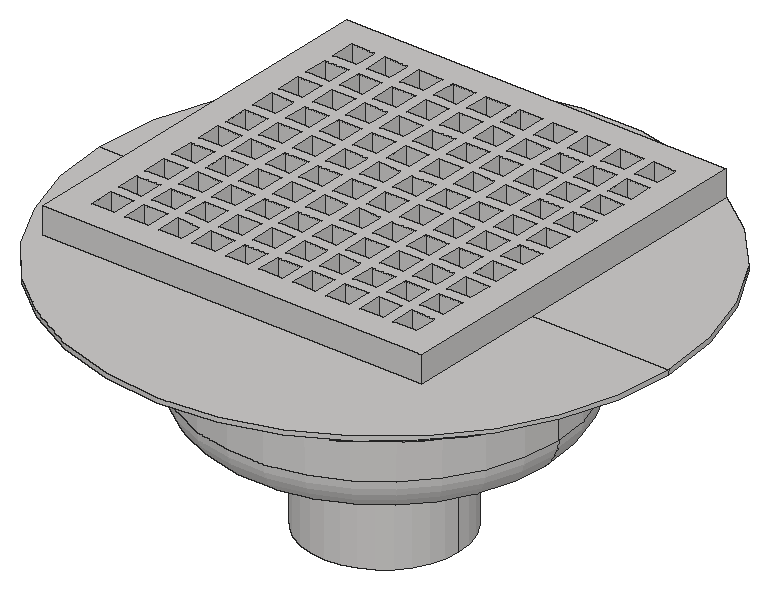
Revit family
Parameters (values of type "9600B06-02")
  Width = 9"
  Waste Connection Radius = 1"
  Waste Connection Diameter = Waste Connection Radius * 2  # 2"
  Waste Connection = yes
  Vent Connection = no
  URL = "www.jrsmith.com"
  Price = "Prices may vary. Please consult Manufacturer Representative for most up-to-date price list."  # constant formula
  Phone Number = "416-250-5656"  # constant formula
  Omniclass Table 23 Title = "Waste Water Drains"  # constant formula
  Omniclass Table 23 Code = "23.70.50.21.24"  # constant formula
  Nominal Height (1/2" min - 1-1/2" max) = 1"
  Model = "9600B06-2\""
  Material = Metal-Jay R Smith-Stainless Steel
  Masterformat Title = "Sanitary Drains"  # constant formula
  Masterformat Number = "22 13 19.13"  # constant formula
  Manufacturer = "Jay R. Smith"
  Length = Width  # 9"
  Height = 3 3/4"
  HW Connection = no
  Description = "General purpose floor drain with square adjustable strainer head for light duty use."
  Default Elevation = 0"
  Creation Date = "27/10/2014"  # constant formula
  Created By = "Allied Technical Services"  # constant formula
  CW Connection = no
  Assembly Code = "D2030300"
  ATS URL = "http://www.atsspec.net"
Types (4): name | Waste Connection Radius | Waste Connection Diameter | Model
  (no name) | 1" | 2" | "9600B06-2\""
  9600B06-02 | 1" | 2" | "9600B06-2\""
  9600B06-03 | 1 1/2" | 3" | "9600B06-3\""
  9600B06-04 | 2" | 4" | "9600B06-4\""
Reference planes (in)
  plane 1 "Center (Front/Back)": y = 0
  plane 2: z = 0
  plane 3 "Center (Left/Right)": x = 0
  plane 4: x = -4.5
  plane 5: x = 4.5
  plane 6: z = 3.75
  plane 7: x = -1
  plane 8: x = 1
  plane 9: z = 4.75
  plane 10: z = 4.4275
  plane 11: z = 4.34335
  plane 12: x = -3
  plane 13: x = 3
  plane 14: x = 0
  plane 15: y = 0
  plane 16: x = -3
  plane 17: x = 3
  plane 18: y = 3
  plane 19: y = -3
Forms (in)
  Revolve 1, solid, material "Metal-Jay R Smith-Stainless Steel" <- "Material"
    sketch origin (0, 0, 0) x (1, 0, 0) y (0, 0, 1)
      loop
        line (1, 0) -> (1.18, 0) -> (1.18, 1.56336) -> (2.22418, 1.56336)
        arc (2.22418, 1.56336) -> (2.59648, 1.74487) -> (2.75182, 2.12883) r 0.57812
        line (2.75182, 2.12883) -> (2.76561, 2.91907)
        arc (2.76561, 2.91907) -> (2.89178, 3.21261) -> (3.18748, 3.33358) r 0.42188
        line (3.18748, 3.33358) -> (3.89593, 3.33358) -> (4.5, 3.68234) -> (4.5, 3.75) -> (1.88476, 3.75) -> (1.88476, 4.4275) -> (1.743, 4.4275) -> (1.743, 3.41171) -> (2.69608, 3.41171) -> (2.67371, 2.13056)
        arc (2.67371, 2.13056) -> (2.54058, 1.79949) -> (2.22064, 1.64148) r 0.5
        line (2.22064, 1.64148) -> (1, 1.64148) -> (1, 0)
      axis (0, 0) -> (0, 4.4275)
    angle from 0 to 360
  Extrusion 2, solid, material "Metal-Jay R Smith-Stainless Steel" <- "Material"
    sketch origin (0, 0, 0) x (1, 0, 0) y (0, 1, 0)
      loop
        line (-1.5125, 2.0425) -> (-1.5125, 1.6675) -> (-1.1375, 1.6675) -> (-1.1375, 2.0425) -> (-1.5125, 2.0425)
      loop
        line (-1.1375, 1.1375) -> (-1.1375, 1.5125) -> (-1.5125, 1.5125) -> (-1.5125, 1.1375) -> (-1.1375, 1.1375)
      loop
        line (-1.1375, 0.6075) -> (-1.1375, 0.9825) -> (-1.5125, 0.9825) -> (-1.5125, 0.6075) -> (-1.1375, 0.6075)
      loop
        line (-1.1375, 0.0775) -> (-1.1375, 0.4525) -> (-1.5125, 0.4525) -> (-1.5125, 0.0775) -> (-1.1375, 0.0775)
      loop
        line (-0.9825, 2.0425) -> (-0.9825, 1.6675) -> (-0.6075, 1.6675) -> (-0.6075, 2.0425) -> (-0.9825, 2.0425)
      loop
        line (-0.6075, 1.1375) -> (-0.6075, 1.5125) -> (-0.9825, 1.5125) -> (-0.9825, 1.1375) -> (-0.6075, 1.1375)
      loop
        line (-0.6075, 0.6075) -> (-0.6075, 0.9825) -> (-0.9825, 0.9825) -> (-0.9825, 0.6075) -> (-0.6075, 0.6075)
      loop
        line (-0.6075, 0.0775) -> (-0.6075, 0.4525) -> (-0.9825, 0.4525) -> (-0.9825, 0.0775) -> (-0.6075, 0.0775)
      loop
        line (-0.4525, 2.0425) -> (-0.4525, 1.6675) -> (-0.0775, 1.6675) -> (-0.0775, 2.0425) -> (-0.4525, 2.0425)
      loop
        line (-0.0775, 1.1375) -> (-0.0775, 1.5125) -> (-0.4525, 1.5125) -> (-0.4525, 1.1375) -> (-0.0775, 1.1375)
      loop
        line (-0.0775, 0.6075) -> (-0.0775, 0.9825) -> (-0.4525, 0.9825) -> (-0.4525, 0.6075) -> (-0.0775, 0.6075)
      loop
        line (-0.0775, 0.0775) -> (-0.0775, 0.4525) -> (-0.4525, 0.4525) -> (-0.4525, 0.0775) -> (-0.0775, 0.0775)
      loop
        line (-2.0425, 2.0425) -> (-2.0425, 1.6675) -> (-1.6675, 1.6675) -> (-1.6675, 2.0425) -> (-2.0425, 2.0425)
      loop
        line (-1.6675, 1.1375) -> (-1.6675, 1.5125) -> (-2.0425, 1.5125) -> (-2.0425, 1.1375) -> (-1.6675, 1.1375)
      loop
        line (-1.6675, 0.6075) -> (-1.6675, 0.9825) -> (-2.0425, 0.9825) -> (-2.0425, 0.6075) -> (-1.6675, 0.6075)
      loop
        line (-1.6675, 0.0775) -> (-1.6675, 0.4525) -> (-2.0425, 0.4525) -> (-2.0425, 0.0775) -> (-1.6675, 0.0775)
      loop
        line (1.5125, 2.0425) -> (1.1375, 2.0425) -> (1.1375, 1.6675) -> (1.5125, 1.6675) -> (1.5125, 2.0425)
      loop
        line (1.1375, 1.1375) -> (1.5125, 1.1375) -> (1.5125, 1.5125) -> (1.1375, 1.5125) -> (1.1375, 1.1375)
      loop
        line (1.1375, 0.6075) -> (1.5125, 0.6075) -> (1.5125, 0.9825) -> (1.1375, 0.9825) -> (1.1375, 0.6075)
      loop
        line (1.1375, 0.0775) -> (1.5125, 0.0775) -> (1.5125, 0.4525) -> (1.1375, 0.4525) -> (1.1375, 0.0775)
      loop
        line (0.9825, 2.0425) -> (0.6075, 2.0425) -> (0.6075, 1.6675) -> (0.9825, 1.6675) -> (0.9825, 2.0425)
      loop
        line (0.6075, 1.1375) -> (0.9825, 1.1375) -> (0.9825, 1.5125) -> (0.6075, 1.5125) -> (0.6075, 1.1375)
      loop
        line (0.6075, 0.6075) -> (0.9825, 0.6075) -> (0.9825, 0.9825) -> (0.6075, 0.9825) -> (0.6075, 0.6075)
      loop
        line (0.6075, 0.0775) -> (0.9825, 0.0775) -> (0.9825, 0.4525) -> (0.6075, 0.4525) -> (0.6075, 0.0775)
      loop
        line (0.4525, 2.0425) -> (0.0775, 2.0425) -> (0.0775, 1.6675) -> (0.4525, 1.6675) -> (0.4525, 2.0425)
      loop
        line (0.0775, 1.1375) -> (0.4525, 1.1375) -> (0.4525, 1.5125) -> (0.0775, 1.5125) -> (0.0775, 1.1375)
      loop
        line (0.0775, 0.6075) -> (0.4525, 0.6075) -> (0.4525, 0.9825) -> (0.0775, 0.9825) -> (0.0775, 0.6075)
      loop
        line (0.0775, 0.0775) -> (0.4525, 0.0775) -> (0.4525, 0.4525) -> (0.0775, 0.4525) -> (0.0775, 0.0775)
      loop
        line (2.0425, 2.0425) -> (1.6675, 2.0425) -> (1.6675, 1.6675) -> (2.0425, 1.6675) -> (2.0425, 2.0425)
      loop
        line (1.6675, 1.1375) -> (2.0425, 1.1375) -> (2.0425, 1.5125) -> (1.6675, 1.5125) -> (1.6675, 1.1375)
      loop
        line (1.6675, 0.6075) -> (2.0425, 0.6075) -> (2.0425, 0.9825) -> (1.6675, 0.9825) -> (1.6675, 0.6075)
      loop
        line (1.6675, 0.0775) -> (2.0425, 0.0775) -> (2.0425, 0.4525) -> (1.6675, 0.4525) -> (1.6675, 0.0775)
      loop
        line (-1.5125, -2.0425) -> (-1.1375, -2.0425) -> (-1.1375, -1.6675) -> (-1.5125, -1.6675) -> (-1.5125, -2.0425)
      loop
        line (-1.1375, -1.1375) -> (-1.5125, -1.1375) -> (-1.5125, -1.5125) -> (-1.1375, -1.5125) -> (-1.1375, -1.1375)
      loop
        line (-1.1375, -0.6075) -> (-1.5125, -0.6075) -> (-1.5125, -0.9825) -> (-1.1375, -0.9825) -> (-1.1375, -0.6075)
      loop
        line (-1.1375, -0.0775) -> (-1.5125, -0.0775) -> (-1.5125, -0.4525) -> (-1.1375, -0.4525) -> (-1.1375, -0.0775)
      loop
        line (-0.9825, -2.0425) -> (-0.6075, -2.0425) -> (-0.6075, -1.6675) -> (-0.9825, -1.6675) -> (-0.9825, -2.0425)
      loop
        line (-0.6075, -1.1375) -> (-0.9825, -1.1375) -> (-0.9825, -1.5125) -> (-0.6075, -1.5125) -> (-0.6075, -1.1375)
      loop
        line (-0.6075, -0.6075) -> (-0.9825, -0.6075) -> (-0.9825, -0.9825) -> (-0.6075, -0.9825) -> (-0.6075, -0.6075)
      loop
        line (-0.6075, -0.0775) -> (-0.9825, -0.0775) -> (-0.9825, -0.4525) -> (-0.6075, -0.4525) -> (-0.6075, -0.0775)
      loop
        line (-0.4525, -2.0425) -> (-0.0775, -2.0425) -> (-0.0775, -1.6675) -> (-0.4525, -1.6675) -> (-0.4525, -2.0425)
      loop
        line (-0.0775, -1.1375) -> (-0.4525, -1.1375) -> (-0.4525, -1.5125) -> (-0.0775, -1.5125) -> (-0.0775, -1.1375)
      loop
        line (-0.0775, -0.6075) -> (-0.4525, -0.6075) -> (-0.4525, -0.9825) -> (-0.0775, -0.9825) -> (-0.0775, -0.6075)
      loop
        line (-0.0775, -0.0775) -> (-0.4525, -0.0775) -> (-0.4525, -0.4525) -> (-0.0775, -0.4525) -> (-0.0775, -0.0775)
      loop
        line (-2.0425, -2.0425) -> (-1.6675, -2.0425) -> (-1.6675, -1.6675) -> (-2.0425, -1.6675) -> (-2.0425, -2.0425)
      loop
        line (-1.6675, -1.1375) -> (-2.0425, -1.1375) -> (-2.0425, -1.5125) -> (-1.6675, -1.5125) -> (-1.6675, -1.1375)
      loop
        line (-1.6675, -0.6075) -> (-2.0425, -0.6075) -> (-2.0425, -0.9825) -> (-1.6675, -0.9825) -> (-1.6675, -0.6075)
      loop
        line (-1.6675, -0.0775) -> (-2.0425, -0.0775) -> (-2.0425, -0.4525) -> (-1.6675, -0.4525) -> (-1.6675, -0.0775)
      loop
        line (1.5125, -2.0425) -> (1.5125, -1.6675) -> (1.1375, -1.6675) -> (1.1375, -2.0425) -> (1.5125, -2.0425)
      loop
        line (1.1375, -1.1375) -> (1.1375, -1.5125) -> (1.5125, -1.5125) -> (1.5125, -1.1375) -> (1.1375, -1.1375)
      loop
        line (1.1375, -0.6075) -> (1.1375, -0.9825) -> (1.5125, -0.9825) -> (1.5125, -0.6075) -> (1.1375, -0.6075)
      loop
        line (1.1375, -0.0775) -> (1.1375, -0.4525) -> (1.5125, -0.4525) -> (1.5125, -0.0775) -> (1.1375, -0.0775)
      loop
        line (0.9825, -2.0425) -> (0.9825, -1.6675) -> (0.6075, -1.6675) -> (0.6075, -2.0425) -> (0.9825, -2.0425)
      loop
        line (0.6075, -1.1375) -> (0.6075, -1.5125) -> (0.9825, -1.5125) -> (0.9825, -1.1375) -> (0.6075, -1.1375)
      loop
        line (0.6075, -0.6075) -> (0.6075, -0.9825) -> (0.9825, -0.9825) -> (0.9825, -0.6075) -> (0.6075, -0.6075)
      loop
        line (0.6075, -0.0775) -> (0.6075, -0.4525) -> (0.9825, -0.4525) -> (0.9825, -0.0775) -> (0.6075, -0.0775)
      loop
        line (0.4525, -2.0425) -> (0.4525, -1.6675) -> (0.0775, -1.6675) -> (0.0775, -2.0425) -> (0.4525, -2.0425)
      loop
        line (0.0775, -1.1375) -> (0.0775, -1.5125) -> (0.4525, -1.5125) -> (0.4525, -1.1375) -> (0.0775, -1.1375)
      loop
        line (0.0775, -0.6075) -> (0.0775, -0.9825) -> (0.4525, -0.9825) -> (0.4525, -0.6075) -> (0.0775, -0.6075)
      loop
        line (0.0775, -0.0775) -> (0.0775, -0.4525) -> (0.4525, -0.4525) -> (0.4525, -0.0775) -> (0.0775, -0.0775)
      loop
        line (2.0425, -2.0425) -> (2.0425, -1.6675) -> (1.6675, -1.6675) -> (1.6675, -2.0425) -> (2.0425, -2.0425)
      loop
        line (1.6675, -1.1375) -> (1.6675, -1.5125) -> (2.0425, -1.5125) -> (2.0425, -1.1375) -> (1.6675, -1.1375)
      loop
        line (1.6675, -0.6075) -> (1.6675, -0.9825) -> (2.0425, -0.9825) -> (2.0425, -0.6075) -> (1.6675, -0.6075)
      loop
        line (1.6675, -0.0775) -> (1.6675, -0.4525) -> (2.0425, -0.4525) -> (2.0425, -0.0775) -> (1.6675, -0.0775)
      loop
        line (-3, 3) -> (-3, -3) -> (3, -3) -> (3, 3) -> (-3, 3)
      loop
        line (-1.1375, 2.1975) -> (-1.1375, 2.5725) -> (-1.5125, 2.5725) -> (-1.5125, 2.1975) -> (-1.1375, 2.1975)
      loop
        line (-0.6075, 2.1975) -> (-0.6075, 2.5725) -> (-0.9825, 2.5725) -> (-0.9825, 2.1975) -> (-0.6075, 2.1975)
      loop
        line (-0.0775, 2.1975) -> (-0.0775, 2.5725) -> (-0.4525, 2.5725) -> (-0.4525, 2.1975) -> (-0.0775, 2.1975)
      loop
        line (-1.6675, 2.1975) -> (-1.6675, 2.5725) -> (-2.0425, 2.5725) -> (-2.0425, 2.1975) -> (-1.6675, 2.1975)
      loop
        line (1.1375, 2.1975) -> (1.5125, 2.1975) -> (1.5125, 2.5725) -> (1.1375, 2.5725) -> (1.1375, 2.1975)
      loop
        line (0.6075, 2.1975) -> (0.9825, 2.1975) -> (0.9825, 2.5725) -> (0.6075, 2.5725) -> (0.6075, 2.1975)
      loop
        line (0.0775, 2.1975) -> (0.4525, 2.1975) -> (0.4525, 2.5725) -> (0.0775, 2.5725) -> (0.0775, 2.1975)
      loop
        line (1.6675, 2.1975) -> (2.0425, 2.1975) -> (2.0425, 2.5725) -> (1.6675, 2.5725) -> (1.6675, 2.1975)
      loop
        line (2.5725, 2.0425) -> (2.1975, 2.0425) -> (2.1975, 1.6675) -> (2.5725, 1.6675) -> (2.5725, 2.0425)
      loop
        line (2.1975, 1.1375) -> (2.5725, 1.1375) -> (2.5725, 1.5125) -> (2.1975, 1.5125) -> (2.1975, 1.1375)
      loop
        line (2.1975, 0.6075) -> (2.5725, 0.6075) -> (2.5725, 0.9825) -> (2.1975, 0.9825) -> (2.1975, 0.6075)
      loop
        line (2.1975, 0.0775) -> (2.5725, 0.0775) -> (2.5725, 0.4525) -> (2.1975, 0.4525) -> (2.1975, 0.0775)
      loop
        line (2.5725, -2.0425) -> (2.5725, -1.6675) -> (2.1975, -1.6675) -> (2.1975, -2.0425) -> (2.5725, -2.0425)
      loop
        line (2.1975, -1.1375) -> (2.1975, -1.5125) -> (2.5725, -1.5125) -> (2.5725, -1.1375) -> (2.1975, -1.1375)
      loop
        line (2.1975, -0.6075) -> (2.1975, -0.9825) -> (2.5725, -0.9825) -> (2.5725, -0.6075) -> (2.1975, -0.6075)
      loop
        line (2.1975, -0.0775) -> (2.1975, -0.4525) -> (2.5725, -0.4525) -> (2.5725, -0.0775) -> (2.1975, -0.0775)
      loop
        line (2.1975, 2.1975) -> (2.5725, 2.1975) -> (2.5725, 2.5725) -> (2.1975, 2.5725) -> (2.1975, 2.1975)
      loop
        line (-1.5125, -2.5725) -> (-1.1375, -2.5725) -> (-1.1375, -2.1975) -> (-1.5125, -2.1975) -> (-1.5125, -2.5725)
      loop
        line (-0.9825, -2.5725) -> (-0.6075, -2.5725) -> (-0.6075, -2.1975) -> (-0.9825, -2.1975) -> (-0.9825, -2.5725)
      loop
        line (-0.4525, -2.5725) -> (-0.0775, -2.5725) -> (-0.0775, -2.1975) -> (-0.4525, -2.1975) -> (-0.4525, -2.5725)
      loop
        line (-2.0425, -2.5725) -> (-1.6675, -2.5725) -> (-1.6675, -2.1975) -> (-2.0425, -2.1975) -> (-2.0425, -2.5725)
      loop
        line (1.5125, -2.5725) -> (1.5125, -2.1975) -> (1.1375, -2.1975) -> (1.1375, -2.5725) -> (1.5125, -2.5725)
      loop
        line (0.9825, -2.5725) -> (0.9825, -2.1975) -> (0.6075, -2.1975) -> (0.6075, -2.5725) -> (0.9825, -2.5725)
      loop
        line (0.4525, -2.5725) -> (0.4525, -2.1975) -> (0.0775, -2.1975) -> (0.0775, -2.5725) -> (0.4525, -2.5725)
      loop
        line (2.0425, -2.5725) -> (2.0425, -2.1975) -> (1.6675, -2.1975) -> (1.6675, -2.5725) -> (2.0425, -2.5725)
      loop
        line (2.5725, -2.5725) -> (2.5725, -2.1975) -> (2.1975, -2.1975) -> (2.1975, -2.5725) -> (2.5725, -2.5725)
      loop
        line (-2.5725, 2.0425) -> (-2.5725, 1.6675) -> (-2.1975, 1.6675) -> (-2.1975, 2.0425) -> (-2.5725, 2.0425)
      loop
        line (-2.1975, 1.1375) -> (-2.1975, 1.5125) -> (-2.5725, 1.5125) -> (-2.5725, 1.1375) -> (-2.1975, 1.1375)
      loop
        line (-2.1975, 0.6075) -> (-2.1975, 0.9825) -> (-2.5725, 0.9825) -> (-2.5725, 0.6075) -> (-2.1975, 0.6075)
      loop
        line (-2.1975, 0.0775) -> (-2.1975, 0.4525) -> (-2.5725, 0.4525) -> (-2.5725, 0.0775) -> (-2.1975, 0.0775)
      loop
        line (-2.5725, -2.0425) -> (-2.1975, -2.0425) -> (-2.1975, -1.6675) -> (-2.5725, -1.6675) -> (-2.5725, -2.0425)
      loop
        line (-2.1975, -1.1375) -> (-2.5725, -1.1375) -> (-2.5725, -1.5125) -> (-2.1975, -1.5125) -> (-2.1975, -1.1375)
      loop
        line (-2.1975, -0.6075) -> (-2.5725, -0.6075) -> (-2.5725, -0.9825) -> (-2.1975, -0.9825) -> (-2.1975, -0.6075)
      loop
        line (-2.1975, -0.0775) -> (-2.5725, -0.0775) -> (-2.5725, -0.4525) -> (-2.1975, -0.4525) -> (-2.1975, -0.0775)
      loop
        line (-2.1975, 2.1975) -> (-2.1975, 2.5725) -> (-2.5725, 2.5725) -> (-2.5725, 2.1975) -> (-2.1975, 2.1975)
      loop
        line (-2.5725, -2.5725) -> (-2.1975, -2.5725) -> (-2.1975, -2.1975) -> (-2.5725, -2.1975) -> (-2.5725, -2.5725)
    from 4.4275 to 4.75
  Extrusion 3, solid, material "Metal-Jay R Smith-Stainless Steel" <- "Material"
    sketch origin (-23.32738, -29.03898, 0) x (1, 0, 0) y (0, 1, 0)
      loop
        line (20.32738, 32.03898) -> (20.32738, 26.03898) -> (26.32738, 26.03898) -> (26.32738, 32.03898) -> (20.32738, 32.03898)
      loop
        circle (23.32738, 29.03898) r 1.743
    from 4.34335 to 4.4275
Cuts and joins
  joined: Extrusion 2, Extrusion 3
Dimensions and locks (in)
  "Height": plane 6 to plane 2
  "Waste Connection Diameter": plane 8 to plane 7
  "Width": plane 5 to plane 4
  equal spacing: plane 8, plane 3 "Center (Left/Right)", plane 7
  equal spacing: plane 5, plane 3 "Center (Left/Right)", plane 4
  "Nominal Height (1/2" min - 1-1/2" max)": plane 9 to plane 6
  locked: plane 8 to Revolve 1 sketch curve at 0.18
  locked: plane 3 "Center (Left/Right)" to Revolve 1 sketch curve at 1.743
  locked: plane 9 to plane 10 at 0.3225
  locked: plane 10 to plane 11 at 0.08415
  plane 13 to plane 12 = 6"
  aligned and locked: plane 8 to Revolve 1 sketch curve
Automatic sketch dimensions
  Revolve 1 sketch curve to Revolve 1 sketch curve = 0"  (x5)
  Revolve 1 sketch curve to plane 3 "Center (Left/Right)" = 0"
  Revolve 1 sketch curve to plane 6 = 0"
  Revolve 1 sketch curve to plane 10 = 0"
  Revolve 1 sketch curve to level = 0"
  Revolve 1 sketch curve to Revolve 1 sketch curve = 0.14176"
  plane 13 to Revolve 1 sketch curve = 0.82621"
  Revolve 1 sketch curve to Revolve 1 sketch curve = 0.04685"
  Revolve 1 sketch curve to Revolve 1 sketch curve = 0.00354"
  plane 13 to Revolve 1 sketch curve = 0.32629"
  plane 13 to Revolve 1 sketch curve = 0.30392"
  Revolve 1 sketch curve to Revolve 1 sketch curve = 5/64"  (x2)
  plane 13 to Revolve 1 sketch curve = 15/64"
  Revolve 1 sketch curve to Revolve 1 sketch curve = 0.00006"
  Revolve 1 sketch curve to plane 13 = 0.18748"
  plane 5 to Revolve 1 sketch curve = 0.60407"
  plane 5 to Revolve 1 sketch curve = 0"
  Revolve 1 sketch curve to level = 5.86427"
  Revolve 1 sketch curve to Revolve 1 sketch curve = 1/2"
  level to Revolve 1 sketch curve = 1.56336"
  Revolve 1 sketch curve to Revolve 1 sketch curve = 0.48735"
  Revolve 1 sketch curve to plane 6 = 0.83829"
  Revolve 1 sketch curve to Revolve 1 sketch curve = 0.00736"
  Revolve 1 sketch curve to plane 6 = 0.33829"
  Revolve 1 sketch curve to plane 6 = 0.06766"
  plane 5 to Extrusion 3 sketch curve = 7 1/2"
  Extrusion 3 sketch curve to Extrusion 3 sketch curve = 3"  (x4)
  plane 1 "Center (Front/Back)" to Extrusion 3 sketch curve = 3"
  Extrusion 2 sketch curve to plane 16 = 0"
  Extrusion 2 sketch curve to plane 17 = 0"
  plane 19 to Extrusion 2 sketch curve = 0"
  Extrusion 2 sketch curve to plane 18 = 0"
  Extrusion 2 sketch curve to plane 16 = 0.4275"  (x8)
  plane 15 to Extrusion 2 sketch curve = 0.0775"  (x10)
  Extrusion 2 sketch curve to Extrusion 2 sketch curve = 0"  (x123)
  Extrusion 2 sketch curve to Extrusion 2 sketch curve = 3/8"  (x102)
  Extrusion 2 sketch curve to plane 15 = 0.0775"  (x10)
  Extrusion 2 sketch curve to Extrusion 2 sketch curve = 0.155"  (x123)
  plane 14 to Extrusion 2 sketch curve = 0.0775"  (x10)
  Extrusion 2 sketch curve to plane 14 = 0.0775"  (x10)
  Extrusion 2 sketch curve to plane 19 = 0.4275"  (x4)
  radius of Extrusion 3 sketch curve = 1.743"
Connectors (in)
  piping at (0, 0, 0), driven by "Waste Connection Radius"
    settings: on Revolve 1, index 1
